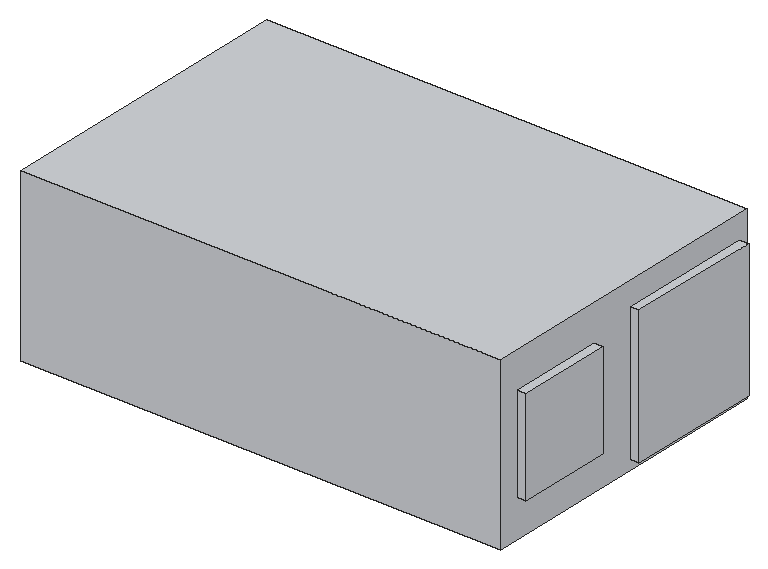
Revit family "DV 5000", category Mechanical Equipment, Revit 2013
Parameters
  Warranty = "1 Year"
  Voltage Supply      Single Phase = "400v ac"
  Versatile positioning ,floor and ceiling susupended options = "Yes"
  Summer/Winter by-pass = "Yes"
  Summer By-pass = "Automatic 100%"
  Safety cut off switch Pressure sensors for filter monitoring = "Yes"
  Pre Heater = "option"
  Part number = "9041523"
  Model = "MULTI DV5000"
  Meets Building regulations Pat L2A and L2B = "Yes"
  Max Air Volume  m3/hr = "5750"
  Lockable doors = "Yes"
  Interchangeable spigot connections = "Yes"
  Humidity control (optional) = "Yes"
  Heat Recovery = "<95%"
  Heat Exchanger = "Cross Counterflow"
  Frequency = "50Hz"
  Filter maintenance reminder = "Yes"
  Electronic control panel with LCD display = "Yes"
  EC motor for fine speed control and low SFP = "Yes"
  Duct Connections = "4x500x500mm"
  Double skinned insulated casing avoids thermal bridging = "Yes"
  Dimension L [instance] = 2500 mm
  Dimension H [instance] = 1600 mm
  Dimension B [instance] = 885 mm
  Control Standard = "BMS/Internet"
  Control Optional.. = "Temperature"
  Control Optional. = "Co2"
  Control Optional = "Humidity"
  Carbon dioxide control (optional) = "Yes"
  Balanced supply and extract air ventilation with heat recovery = "Yes"
  BREEAM applicable = "Yes"
  Anti frost protection = "option"
  Air Filters = "M5 and F13"
  After Heater = "option"
  10 speed digital control and BMS and Internet control = "Yes"
Reference planes
  plane 1 "Center (Front/Back)": y = 0
  plane 2: z = 0
  plane 3 "Center (Left/Right)": x = 0
  plane 4: x = -1250
  plane 5: x = 1250
  plane 6: y = 800
  plane 7: y = -800
  plane 8: z = 885
  plane 9: z = 442.5
  plane 10: x = 450.5
  plane 11: x = 653
  plane 12: x = 248
  plane 13: z = 595
  plane 14: z = 290
  plane 15: y = 900
  plane 16: x = -972.5
  plane 17: x = -795
  plane 18: x = -1150
  plane 19: y = 390
  plane 20: y = -450
  plane 21: y = -810
  plane 22: z = 757.5
  plane 23: z = 127.5
  plane 24: x = -650
  plane 25: z = 192.5
  plane 26: z = 692.5
  plane 27: x = -900
  plane 28: z = 797.5
  plane 29: z = 87.5
  plane 30: y = -200
  plane 31: y = -700
  plane 32: y = 745
  plane 33: y = 35
  plane 34: y = 745
  plane 35: y = 35
Forms (mm)
  Extrusion 1, solid
    sketch origin (0, 0, 0) x (1, 0, 0) y (0, 1, 0)
      loop
        line (-1250, 800) -> (-1250, -800) -> (1250, -800) -> (1250, 800) -> (-1250, 800)
    from 0 to 885 <- "Dimension B"
  Extrusion 2, solid
    sketch origin (-3129.117, 800, 987) x (-1, 0, 0) y (0, 0, 1)
      loop
        line (-2959.117, -605) -> (-2959.117, -910) -> (-2554.117, -910) -> (-2554.117, -605) -> (-2959.117, -605)
    from 0 to 100
  Extrusion 3, solid
    sketch origin (1250, -2000, 1200) x (0, -1, 0) y (0, 0, 1)
      loop
        line (-2745, -435) -> (-2745, -1145) -> (-2035, -1145) -> (-2035, -435) -> (-2745, -435)
    from -50 to 0
  Extrusion 4, solid
    sketch origin (1250, -2000, 1200) x (0, -1, 0) y (0, 0, 1)
      loop
        line (-1800, -500) -> (-1800, -1000) -> (-1300, -1000) -> (-1300, -500) -> (-1800, -500)
    from -50 to 0
  Extrusion 5, solid
    sketch origin (-1250, -2000, 1200) x (0, -1, 0) y (0, 0, -1)
      loop
        line (-2745, 435) -> (-2035, 435) -> (-2035, 1145) -> (-2745, 1145) -> (-2745, 435)
    from -50 to 0
  Extrusion 6, solid
    sketch origin (-1250, -2000, 1200) x (0, -1, 0) y (0, 0, -1)
      loop
        line (-1800, 500) -> (-1300, 500) -> (-1300, 1000) -> (-1800, 1000) -> (-1800, 500)
    from -50 to 0
  Extrusion 7, solid
    sketch origin (-3146.638, 900, 977) x (-1, 0, 0) y (0, 0, 1)
      loop
        line (-2806.638, -727.916) -> (-2806.638, -854.425) -> (-2746.638, -854.425) -> (-2746.638, -727.916) -> (-2806.638, -727.916)
    from 0 to 50
Dimensions and locks
  equal spacing: plane 6, plane 1 "Center (Front/Back)", plane 7
  "Dimension H": plane 6 to plane 7
  equal spacing: plane 4, plane 3 "Center (Left/Right)", plane 5
  "Dimension L": plane 4 to plane 5
  "Dimension B": plane 8 to plane 2
  equal spacing: plane 8, plane 9, plane 2
  equal spacing: plane 11, plane 10, plane 12, locked at 202.5 each
  plane 11 to plane 12 = 405 mm
  plane 15 to plane 6 = 100 mm
  equal spacing: plane 14, plane 9, plane 13, locked at 152.5 each
  plane 14 to plane 13 = 305 mm
  plane 4 to Extrusion 2 = 675 mm
  Extrusion 2 to Extrusion 2 = 405 mm
  Extrusion 2 to Extrusion 1 = 100 mm
  Extrusion 3 to Extrusion 3 = 710 mm
  plane 32 to plane 19 = 355 mm
  plane 6 to plane 32 = 55 mm
  plane 35 to plane 34 = 710 mm
  plane 30 to plane 31 = 500 mm  (x2)
  plane 31 to plane 7 = 100 mm  (x2)
Automatic sketch dimensions
  Extrusion 1 sketch curve to plane 4 = 0 mm
  Extrusion 1 sketch curve to plane 5 = 0 mm
  Extrusion 1 sketch curve to plane 7 = 0 mm
  Extrusion 1 sketch curve to plane 6 = 0 mm
  Extrusion 2 sketch curve to plane 11 = 823 mm
  Extrusion 2 sketch curve to plane 12 = 823 mm
  Extrusion 2 sketch curve to plane 14 = 213 mm
  Extrusion 2 sketch curve to plane 13 = 213 mm
  plane 26 to Extrusion 4 sketch curve = 7.5 mm
  Extrusion 4 sketch curve to plane 30 = 0 mm
  Extrusion 5 sketch curve to plane 28 = 32.5 mm
  plane 26 to Extrusion 6 sketch curve = 7.5 mm
  Extrusion 6 sketch curve to plane 30 = 0 mm
  Extrusion 6 sketch curve to plane 31 = 0 mm
  Extrusion 3 sketch curve to plane 28 = 32.5 mm
  level to Extrusion 3 sketch curve = 55 mm
  Extrusion 4 sketch curve to plane 31 = 0 mm
  plane 25 to Extrusion 4 sketch curve = 7.5 mm
  plane 25 to Extrusion 6 sketch curve = 7.5 mm
  Extrusion 5 sketch curve to plane 29 = 32.5 mm
  Extrusion 7 sketch curve to Extrusion 2 = 45.575 mm
  Extrusion 7 sketch curve to Extrusion 2 = 170 mm
  Extrusion 7 sketch curve to Extrusion 2 = 132.916 mm
  Extrusion 7 sketch curve to Extrusion 7 sketch curve = 60 mm
  Extrusion 3 sketch curve to plane 33 = 0 mm
  Extrusion 5 sketch curve to plane 33 = 0 mm
  Extrusion 3 sketch curve to plane 32 = 0 mm
  Extrusion 5 sketch curve to plane 32 = 0 mm
Connectors
  hvac at (1300, 390, 410)
    settings: on Extrusion 3, index 1, duct flow 0.0 L/s, flow factor 0, pres drop 0.0 Pa, loss coef 0, conn angle 0.00°, conn width 710 mm, conn height 710 mm, conn radius 304.8 mm, duct sys type 1, conn prof type 1, flow config 0, flow direction 2, loss method 0, conn ref index -1, conn util no, is conn primary yes, conn desc ""
  hvac at (1300, -450, 450)
    settings: on Extrusion 4, index 2, duct flow 0.0 L/s, flow factor 0, pres drop 0.0 Pa, loss coef 0, conn angle 0.00°, conn width 500 mm, conn height 500 mm, conn radius 304.8 mm, duct sys type 2, conn prof type 1, flow config 0, flow direction 1, loss method 0, conn ref index -1, conn util no, is conn primary no, conn desc ""
  hvac at (-1300, 390, 410)
    settings: on Extrusion 5, index 3, duct flow 0.0 L/s, flow factor 0, pres drop 0.0 Pa, loss coef 0, conn angle 0.00°, conn width 710 mm, conn height 710 mm, conn radius 304.8 mm, duct sys type 2, conn prof type 1, flow config 0, flow direction 2, loss method 0, conn ref index -1, conn util no, is conn primary no, conn desc ""
  hvac at (-1300, -450, 450)
    settings: on Extrusion 6, index 4, duct flow 0.0 L/s, flow factor 0, pres drop 0.0 Pa, loss coef 0, conn angle 0.00°, conn width 500 mm, conn height 500 mm, conn radius 304.8 mm, duct sys type 1, conn prof type 1, flow config 0, flow direction 1, loss method 0, conn ref index -1, conn util no, is conn primary no, conn desc ""
